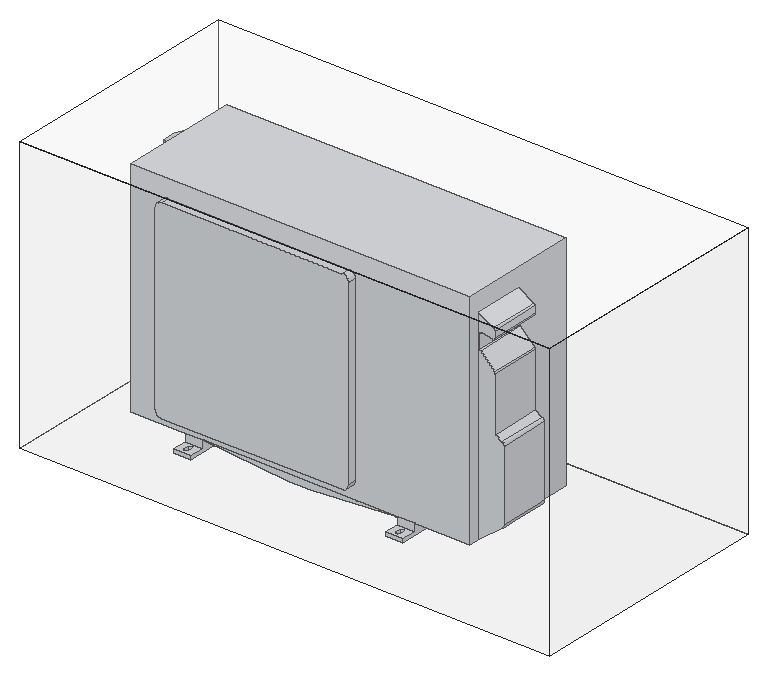
Revit family "mucz-g22_5626_60hz", category 機械設備, Revit 2023
Family settings
  丸型コネクタ寸法 = 直径を使用
  パーツ タイプ = 標準
  OmniClass 番号 = 23.75.10.24.21.27.27
  OmniClass タイトル = Split System Air Conditioning Units
  作業面ベース = いいえ
  常に垂直 = はい
  ロード時にボイドで切り取り = いいえ
  注釈の向きを維持 = いいえ
  共有 = いいえ
  部屋計算ポイント = いいえ
Parameters (values of type "MUCZ-G5626SEE")
  風量 = MAX風量  # 2135.0 m³/h
  音響パワーレベル(dB) = if([運転音(強冷房)  db] > [運転音(強暖房)  db], [運転音(強冷房)  db], [運転音(強暖房)  db])  # 68
  電源種別 = ""
  電圧 = 200 V
  電動機出力_送風機 = 50 W
  電動機出力_圧縮機 = 1500 W
  運転音(強暖房)  db = 68
  運転音(強冷房)  db = 65
  運転質量 = 0.00 kg
  運転方法 = "冷暖切替"
  質量 = if(製品質量 > 運転質量, 製品質量, 運転質量) * 1.2  # 40.80 kg
  負荷分類 = 1_熱源類
  説明 = "ルームエアコン(霧ヶ峰) GVシリーズ 室外ユニット"
  設計暖房能力 [instance] = 0 kW
  設計冷房能力_顕熱 [instance] = 0 kW
  設計冷房能力 [instance] = 0 kW
  設置方法 = "床置形"
  記号 [instance] = ""
  製造元 = "三菱電機株式会社"
  製品質量 = 34.00 kg
  製品出荷対象 = "国内"
  製品リリース年月 = "2026/02/13"
  製品グループ = ""
  系統 [instance] = ""
  符号 = "ACR"
  積算_科目 = "1 空気調和設備"
  積算_拾い区分 [instance] = ""
  相 = 1
  盤記号 [instance] = ""
  発停方法 = "付属リモコン"
  特殊仕様 [instance] = ""
  法定耐用年数 = "6"
  構成品番 = ""
  極数 = 3
  材質 = ""
  本体マテリアル = none
  最大電流値 = 0 A
  暖房能力 = 6.7 kW
  暖房 風量 = 2135.0 m³/h
  既定の高さ = 0 mm
  推奨ブレーカー容量 = 0 A
  形式 = "パッケージ形 室外機"
  形名 = MUCZ-G40_56*S : MUCZ-G40_56*S
  幹線記号 = ""
  始動方式 = "インバータ"
  呼称 = "パッケージ形空気調和機_室外機"
  周波数 = 60 Hz
  冷房 風量 = 2040.0 m³/h
  冷媒　位置Z = 132.5 mm
  冷媒　位置Y = 171 mm
  冷媒　位置X = 429 mm
  価格 = 0
  参照している仕様書等のバージョン = "公共建築物標準仕様書（機械設備工事編）平成31年度版"
  分類コード = "50053004206100"
  分類グループ = "設備"
  冷房能力 = 5.6 kW
  冷媒管径符号 = "Ab"
  冷媒管径 = 100.00 mm
  冷媒液管径 = 6.35 mm
  冷媒ガス管径 = 9.52 mm
  企業コード = "108420"
  付属品 = ""
  モデル = "MUCZ-G5626SEE"
  ドレン穴径 = 42.00 mm
  ドレン　位置Z = 45 mm
  ドレン　位置Y = 44 mm
  ドレン　位置X = 0 mm
  サービススペース = yes
  コメント [instance] = ""
  ケーブル種類1 = ""
  【値が 0 の項目は組合せ形名にてご確認ください】 = ""
  Width = 800 mm
  Version = ""
  Uniclass2015Version = "Systems v1.9"
  Uniclass2015Title = "Split coil remote air cooled condensing units"
  Uniclass2015Code = "Pr_70_65_03_84"
  URL = "https://www.mitsubishielectric.co.jp/ldg/wink/ssl/displayProduct.do?pid=355299&ccd=1040101412"
  SpecificationReference = ""
  SpecificationDescription = ""
  Revision = ""
  ProductInformation = ""
  OmniClassCode = "23-33 17 13 11"
  MAX風量 = if(冷房 風量 > 暖房 風量, 冷房 風量, 暖房 風量)  # 2135.0 m³/h
  IfcTypeProduct = ""
  IfcProduct = ""
  IfcExportType = "AIRCONDITIONINGUNIT"
  IfcExportAs = "IfcUnitaryEquipmentType"
  Height = 550 mm
  Depth = 285 mm
  Clearance Top = 100 mm
  Clearance Right = 350 mm
  Clearance Left = 100 mm
  Clearance Front = 200 mm
  Clearance Bottom = 0 mm
  Clearance Back = 100 mm
  COP_暖房 = 3.38
  COP_冷房 = 2.35
  COP = (COP_冷房 + COP_暖房) / 2  # 2.865
  BLCJ仕様バージョン = "2.0"
  Author = "三菱電機株式会社"
  APF = 0
Reference planes
  plane 1 "中心(正面/背面)": y = 74
  plane 2: z = 0
  plane 3 "中心(左/右)": x = 830
  plane 4 "右": x = 1230
  plane 5 "左": x = 430
  plane 6 "背面": y = 216.5
  plane 7 "正面": y = -68.5
  plane 8 "上部": z = 550
  plane 9 "Clearanse Top": z = 650
  plane 10 "SS_back": y = 316.5
  plane 11 "SS_front": y = -268.5
  plane 12 "SS_left": x = 330
  plane 13 "SS_right": x = 1580
  plane 14: z = 0
  plane 15: z = 45
  plane 16: z = 46
  plane 17: y = 172.5
  plane 18: y = 45.5
  plane 19: z = 132.5
  plane 20: x = 1259
  plane 21: z = 50
  plane 22: x = 1229
  plane 23: x = 1228
  plane 24: y = 46.5
Forms (mm)
  Extrusion 1, solid, material <- "本体マテリアル", detail levels fine
    sketch origin (-1437.329, -1524, 54) x (-1, 0, 0) y (0, -1, 0)
      loop
        circle (-2267.329, -1696.5) r 21
    from -9 to -8
  Extrusion 2, solid, material <- "本体マテリアル", detail levels fine
    sketch origin (1230, 0, 0) x (0, 1, 0) y (0, 0, 1)
      loop
        circle (172.5, 50) r 10
    from -1 to -2
  Extrusion 3, solid, material <- "本体マテリアル", detail levels fine
    sketch origin (0, -68.5, 0) x (1, 0, 0) y (0, 0, 1)
      loop
        circle (1259, 132.5) r 25
    from -115 to -114
Dimensions and locks
  equal spacing: plane 7 "正面", plane 1 "中心(正面/背面)", plane 6 "背面"
  "Depth": plane 7 "正面" to plane 6 "背面"
  "Width": plane 5 "左" to plane 4 "右"
  equal spacing: plane 5 "左", plane 3 "中心(左/右)", plane 4 "右"
  "Clearance Left": plane 12 "SS_left" to plane 5 "左"
  "Clearance Right": plane 4 "右" to plane 13 "SS_right"
  "Clearance Back": plane 6 "背面" to plane 10 "SS_back"
  "Clearance Front": plane 11 "SS_front" to plane 7 "正面"
  "Height": plane 8 "上部" to level
  "Clearance Top": plane 9 "Clearanse Top" to plane 8 "上部"
  "Clearance Bottom": level to plane 14
  "ドレン　位置Z": plane 15 to level
  locked: plane 16 to plane 15 at 1
  "冷媒　位置Z": plane 19 to level
  "冷媒　位置X": plane 3 "中心(左/右)" to plane 20
  locked: plane 22 to plane 4 "右" at 1
  plane 21 to level = 50 mm
  locked: plane 23 to plane 22 at 1
  "冷媒　位置Y": plane 18 to plane 6 "背面"
  "ドレン　位置Y": plane 17 to plane 6 "背面"
  locked: plane 18 to plane 24 at 1
  "ドレン穴径": diameter of Extrusion 1 sketch curve
  diameter of Extrusion 3 sketch curve = 50 mm
  aligned and locked: level to plane 2
  aligned and locked: plane 10 "SS_back" to nested 1  (x2)
  aligned and locked: plane 13 "SS_right" to nested 1
  aligned and locked: plane 12 "SS_left" to nested 1  (x2)
  aligned and locked: nested 1 to plane 13 "SS_right"
  aligned and locked: plane 11 "SS_front" to nested 1
  aligned and locked: plane 9 "Clearanse Top" to nested 1
  aligned and locked: plane 1 "中心(正面/背面)" to nested 2
  aligned and locked: plane 3 "中心(左/右)" to nested 2
  aligned and locked: plane 14 to nested 1
  aligned and locked: Extrusion 1 to plane 15
  aligned and locked: plane 16 to Extrusion 1
  aligned and locked: plane 17 to Extrusion 1 sketch curve
  aligned and locked: plane 3 "中心(左/右)" to Extrusion 1 sketch curve
  aligned and locked: plane 21 to Extrusion 2 sketch curve
  aligned and locked: plane 17 to Extrusion 2 sketch curve
  aligned and locked: Extrusion 2 to plane 22
  aligned and locked: Extrusion 2 to plane 23
  aligned and locked: plane 19 to Extrusion 3 sketch curve
  aligned and locked: plane 20 to Extrusion 3 sketch curve
  aligned and locked: plane 18 to Extrusion 3
  aligned and locked: Extrusion 3 to plane 24
Automatic sketch dimensions
  radius of Extrusion 2 sketch curve = 10 mm
Nested families
  nested 1: "サービススペース_MUCZ-G25-5623" at (955, 24, 325), visible <- "サービススペース", type "サービススペース_MUCZ-G25-5623"
    with Width 1250 mm, Height 650 mm, Depth 585 mm
  nested 2: "MUCZ-G40_56*S" at (830, 74, 0), type <- "形名", マテリアル <- "本体マテリアル", type "MUCZ-G40_56*S"
    with 表示 yes, マテリアル none, ボルトピッチ Y 310 mm, ボルトピッチ X 500 mm, W 800 mm, H 550 mm, D 285 mm
Connectors
  electrical at (1229, 172.5, 50), driven by "極数", driven by "負荷分類", driven by "電圧"
    settings: on Extrusion 2, index 1, voltage 200 V, apparent load 655 VA, apparent load phase1 655 VA, apparent load phase2 0 VA, apparent load phase3 0 VA, power factor 1, load classification "1_熱源類", number of poles 3, system type 30, power factor state 1, is connector primary yes, connector utility no, sub classification motor no, connector description ""
  piping at (830, 172.5, 45), diameter 42, driven by "ドレン穴径"
    settings: on Extrusion 1, index 3, connector inside diameter 609.60 mm, connector length 0 mm, flow factor 0, pipe flow 0.0 L/s, pressure drop 0.0 Pa, fitting loss kfactor 0, connector angle 0.00°, fixture units 0, engagement length 0 mm, angle of deflection 0.00°, flow configuration 1, flow direction 2, fitting loss method 4, system type 16, joint type 0, gender type 0, connector reference index -1, connector utility 0, adjustable connector no, is connector primary yes, connector description ""
  piping at (1259, 46.5, 132.5), diameter 100, driven by "冷媒管径", driven by "冷媒管径符号"
    settings: on Extrusion 3, index 4, connector inside diameter 609.60 mm, connector length 0 mm, flow factor 0, pipe flow 0.0 L/s, pressure drop 0.0 Pa, fitting loss kfactor 0, connector angle 0.00°, fixture units 0, engagement length 0 mm, angle of deflection 0.00°, flow configuration 1, flow direction 2, fitting loss method 4, system type 7, joint type 0, gender type 0, connector reference index -1, connector utility 0, adjustable connector no, is connector primary no, connector description "Ab"
Definition of nested family "サービススペース_MUCZ-G25-5623"
  Parameters (values of type "サービススペース")
    Default Elevation = 0 mm
    Width [instance] = 500 mm
    Height [instance] = 500 mm
    Depth [instance] = 500 mm
  Reference planes
    plane 1 "中心(正面/背面)": y = 0
    plane 2: z = 0
    plane 3 "中心(左/右)": x = 0
    plane 4: y = -250
    plane 5: x = 250
    plane 6: y = 250
    plane 7: x = -250
    plane 8: z = 250
    plane 9: z = -250
  Forms (mm)
    Extrusion 1, solid
      sketch origin (-638.939, 0, 72.39) x (1, 0, 0) y (0, 1, 0)
        loop
          line (388.939, 250) -> (388.939, -250) -> (888.939, -250) -> (888.939, 250) -> (388.939, 250)
      from -322.39 to 177.61
  Lines and regions (mm)
    symbolic lines
      curve 1: line (-250, 0, 250) -> (250, 0, 250)
      curve 2: line (-250, 0, -250) -> (-250, 0, 250)
      curve 3: line (250, 0, -250) -> (-250, 0, -250)
      curve 4: line (250, 0, 250) -> (250, 0, -250)
      curve 5: line (0, -250, 250) -> (0, 250, 250)
      curve 6: line (0, -250, -250) -> (0, -250, 250)
      curve 7: line (0, 250, -250) -> (0, -250, -250)
      curve 8: line (0, 250, 250) -> (0, 250, -250)
      curve 9: line (-250, 250, 0) -> (250, 250, 0)
      curve 10: line (-250, -250, 0) -> (-250, 250, 0)
      curve 11: line (250, -250, 0) -> (-250, -250, 0)
      curve 12: line (250, 250, 0) -> (250, -250, 0)
  Dimensions and locks
    equal spacing: plane 7, plane 3 "中心(左/右)", plane 5
    equal spacing: plane 4, plane 1 "中心(正面/背面)", plane 6
    "Depth": plane 4 to plane 6
    "Width": plane 7 to plane 5
    equal spacing: plane 8, plane 2, plane 9
    "Height": plane 8 to plane 9
    aligned and locked: plane 9 to curve 3
    aligned and locked: plane 7 to curve 2
    aligned and locked: curve 4 to plane 5
    aligned and locked: plane 5 to Extrusion 1
    aligned and locked: Extrusion 1 to plane 7
    aligned and locked: Extrusion 1 to plane 9
    aligned and locked: plane 8 to Extrusion 1
    aligned and locked: plane 9 to curve 7
  Automatic sketch dimensions
    plane 4 to Extrusion 1 sketch curve = 0 mm
    Extrusion 1 sketch curve to plane 7 = 0 mm
    Extrusion 1 sketch curve to plane 5 = 0 mm
    plane 6 to Extrusion 1 sketch curve = 0 mm
    curve 2 to plane 8 = 0 mm
    plane 4 to curve 11 = 0 mm
    curve 11 to plane 7 = 0 mm
    curve 11 to plane 5 = 0 mm
    plane 6 to curve 10 = 0 mm
    curve 7 to plane 4 = 0 mm
    curve 7 to plane 6 = 0 mm
    curve 6 to plane 8 = 0 mm
Definition of nested family "MUCZ-G40_56*S"
  Parameters (values of type "MUCZ-G40_56*S")
    Default Elevation = 0 mm
    ボルトピッチ Y [instance] = 310 mm  # constant formula
    ボルトピッチ X [instance] = 500 mm  # constant formula
    H [instance] = 550 mm  # constant formula
    D [instance] = 285 mm  # constant formula
    マテリアル [instance] = none
    表示 [instance] = yes
    W [instance] = 800 mm  # constant formula
  Reference planes
    plane 1 "中心(正面/背面)": y = 0
    plane 2: z = 0
    plane 3 "中心(左/右)": x = 0
    plane 4 "TOP": z = 550
    plane 5: x = -400
    plane 6: x = 400
    plane 7: y = 142.5
    plane 8: y = -142.5
    plane 9: x = -250
    plane 10: y = 167.041
    plane 11: y = -177.959
    plane 12: y = -159.959
  Forms (mm)
    Extrusion 1, solid, material <- "マテリアル", visible <- "表示", detail levels fine
      sketch origin (-1437.329, -1524, 550) x (-1, 0, 0) y (0, -1, 0)
        loop
          line (-1167.33, -1666.5) -> (-1167.33, -1381.5) -> (-1207.33, -1381.5) -> (-1207.33, -1666.5) -> (-1167.33, -1666.5)
        loop
          line (-1667.33, -1666.5) -> (-1667.33, -1381.5) -> (-1707.33, -1381.5) -> (-1707.33, -1666.5) -> (-1667.33, -1666.5)
      from -550 to -524
    Extrusion 2, solid, material <- "マテリアル", visible <- "表示", detail levels fine
      sketch origin (-1437.329, -1524, 550) x (-1, 0, 0) y (0, -1, 0)
        loop
          line (-1837.329, -1646.5) -> (-1037.329, -1646.5) -> (-1037.329, -1381.5) -> (-1837.329, -1381.5) -> (-1837.329, -1646.5)
      from -524 to 0
    Blend 3, solid, material <- "マテリアル", visible <- "表示", detail levels fine
      base sketch origin (0, 0, 0) x (0, 1, 0) y (0, 0, 1)
        loop
          line (35.041, 547.199) -> (-34.959, 547.199) -> (-34.959, 535) -> (35.041, 535) -> (35.041, 547.199)
      top sketch origin (0, 0, 0) x (0, 1, 0) y (0, 0, 1)
        loop
          line (16.845, 538.639) -> (-17.297, 538.639) -> (-17.297, 535) -> (16.845, 535) -> (16.845, 538.639)
      from -400 to -422.3
    Extrusion 4, solid, material <- "マテリアル", visible <- "表示", detail levels fine
      sketch origin (0, 0, 0) x (1, 0, 0) y (0, 0, 1)
        loop
          line (400, 508) -> (400, 26) -> (458.1, 70.718)
          arc (458.1, 70.718) -> (460.972, 74.226) -> (462, 78.642) r 10
          line (462, 78.642) -> (462, 243.825)
          arc (462, 243.825) -> (460.661, 248.825) -> (457, 252.485) r 10
          line (457, 252.485) -> (440.519, 262) -> (440.519, 389.679)
          arc (440.519, 389.679) -> (440.139, 391.593) -> (439.055, 393.215) r 5
          line (439.055, 393.215) -> (405.379, 426.89)
          arc (405.379, 426.89) -> (404.296, 428.513) -> (403.915, 430.426) r 5
          line (403.915, 430.426) -> (403.915, 462.333)
          arc (403.915, 462.333) -> (405.837, 466.273) -> (410.125, 467.184) r 5
          line (410.125, 467.184) -> (434.31, 461.154)
          arc (434.31, 461.154) -> (438.598, 462.066) -> (440.519, 466.006) r 5
          line (440.519, 466.006) -> (440.519, 481.719)
          arc (440.519, 481.719) -> (439.85, 484.219) -> (438.019, 486.05) r 5
          line (438.019, 486.05) -> (400, 508)
      from -0.041 to 116.959
    Extrusion 5, solid, material <- "マテリアル", visible <- "表示", detail levels fine
      sketch origin (-1437.329, -1524, 550) x (-1, 0, 0) y (0, -1, 0)
        loop
          line (-1167.33, -1691.023) -> (-1167.33, -1666.523) -> (-1207.33, -1666.523) -> (-1207.33, -1691.023) -> (-1192.33, -1691.023) -> (-1192.33, -1674.041)
          arc (-1192.33, -1674.041) -> (-1187.33, -1669.041) -> (-1182.33, -1674.041) r 5
          line (-1182.33, -1674.041) -> (-1182.33, -1691.023) -> (-1167.33, -1691.023)
        loop
          line (-1667.33, -1691.041) -> (-1667.33, -1666.541) -> (-1707.33, -1666.541) -> (-1707.33, -1691.041) -> (-1692.33, -1691.041) -> (-1692.33, -1674.041)
          arc (-1692.33, -1674.041) -> (-1687.33, -1669.041) -> (-1682.33, -1674.041) r 5
          line (-1682.33, -1674.041) -> (-1682.33, -1691.041) -> (-1667.33, -1691.041)
        loop
          line (-1667.33, -1381.541) -> (-1667.33, -1346.541) -> (-1707.33, -1346.541) -> (-1707.33, -1381.541) -> (-1667.33, -1381.541)
        loop
          line (-1167.33, -1381.541) -> (-1167.33, -1346.541) -> (-1207.33, -1346.541) -> (-1207.33, -1381.541) -> (-1167.33, -1381.541)
        loop
          arc (-1692.33, -1369.541) -> (-1687.33, -1374.541) -> (-1682.33, -1369.541) r 5
          line (-1682.33, -1369.541) -> (-1682.33, -1358.541)
          arc (-1682.33, -1358.541) -> (-1687.33, -1353.541) -> (-1692.33, -1358.541) r 5
          line (-1692.33, -1358.541) -> (-1692.33, -1369.541)
        loop
          line (-1182.329, -1369.485) -> (-1182.329, -1358.584)
          arc (-1182.329, -1358.584) -> (-1187.379, -1353.534) -> (-1192.429, -1358.584) r 5.05
          line (-1192.429, -1358.584) -> (-1192.429, -1369.485)
          arc (-1192.429, -1369.485) -> (-1187.379, -1374.534) -> (-1182.329, -1369.485) r 5.05
      from -542 to -550
    Extrusion 6, solid, material <- "マテリアル", visible <- "表示", detail levels fine
      sketch origin (1480.036, -173.2, 1200) x (1, 0, 0) y (0, 0, 1)
        loop
          line (-1805.536, -707) -> (-1805.536, -1133)
          arc (-1805.536, -1133) -> (-1801.143, -1143.607) -> (-1790.536, -1148) r 15
          line (-1790.536, -1148) -> (-1364.536, -1148)
          arc (-1364.536, -1148) -> (-1353.93, -1143.607) -> (-1349.536, -1133) r 15
          line (-1349.536, -1133) -> (-1349.536, -707)
          arc (-1349.536, -707) -> (-1353.93, -696.393) -> (-1364.536, -692) r 15
          line (-1364.536, -692) -> (-1790.536, -692)
          arc (-1790.536, -692) -> (-1801.143, -696.393) -> (-1805.536, -707) r 15
      from -30.7 to -10.7
    Extrusion 7, solid, material <- "マテリアル", visible <- "表示", detail levels fine
      sketch origin (1480.036, -173.2, 1200) x (1, 0, 0) y (0, 0, 1)
        loop
          line (-1880.036, -650) -> (-1880.036, -1174) -> (-1080.036, -1174) -> (-1080.036, -650) -> (-1880.036, -650)
        loop
          line (-1160.036, -675) -> (-1840.036, -675) -> (-1840.036, -1155) -> (-1160.036, -1155) -> (-1160.036, -675)
      from -315.7 to -277.7
    Extrusion 8, solid, visible <- "表示", detail levels fine
      sketch origin (1480.036, -162.5, 1200) x (1, 0, 0) y (0, 0, 1)
        loop
          line (-1710.036, -1174) -> (-1505.067, -1190) -> (-1455.067, -1190) -> (-1250.036, -1174) -> (-1710.036, -1174)
      from -285 to -20
    Extrusion 9, void
      sketch origin (0, 0, 0) x (1, 0, 0) y (0, 1, 0)
        loop
          circle (0, 98.541) r 21
      from 8 to 45
    Extrusion 10, solid, visible <- "表示", detail levels fine
      sketch origin (1480.036, -162.5, 1200) x (1, 0, 0) y (0, 0, 1)
        loop
          line (-1750.005, -675) -> (-1840.036, -675) -> (-1840.036, -1155) -> (-1750.005, -1155) -> (-1750.005, -675)
        loop
          line (-1830.036, -790) -> (-1760.005, -790) -> (-1760.005, -684) -> (-1830.036, -684) -> (-1830.036, -790)
        loop
          line (-1760.005, -802) -> (-1830.036, -802) -> (-1830.036, -908) -> (-1760.005, -908) -> (-1760.005, -802)
        loop
          line (-1760.005, -922) -> (-1830.036, -922) -> (-1830.036, -1028) -> (-1760.005, -1028) -> (-1760.005, -922)
        loop
          line (-1760.005, -1042) -> (-1830.036, -1042) -> (-1830.036, -1148) -> (-1760.005, -1148) -> (-1760.005, -1042)
      from -306 to -305
    Sweep 11, solid, detail levels fine
      path origin (428, 28.181, 1200) x (0, 1, 0) y (0, 0, 1)
        loop
          line (-56.14, -1035.5) -> (-34.105, -1020.071)
      profile origin (428, -16.942, 172.215) x (0, -0.573576, 0.819152) y (1, 0, 0)
        loop
          circle (0, 0) r 6.35
    Sweep 12, solid, detail levels fine
      path origin (428, 28.181, 1200) x (0, 1, 0) y (0, 0, 1)
        loop
          line (-56.14, -1100.5) -> (-36.394, -1082.086)
      profile origin (428, -18.086, 108.707) x (0, -0.681998, 0.731354) y (1, 0, 0)
        loop
          circle (0, 0) r 9.52
  Cuts and joins
    joined: Extrusion 1, Extrusion 5
    Extrusion 9 cuts Extrusion 2
    Extrusion 9 cuts Extrusion 7
    joined: Extrusion 2, Extrusion 7
    Extrusion 9 cuts Extrusion 8
  Lines and regions (mm)
    Masking region 1, visible <- "表示", detail levels coarse+medium
      outline origin (-1437.329, -1524, 550) x (-1, 0, 0) y (0, -1, 0)
        loop
          line (-1837.329, -1381.5) -> (-1837.329, -1666.5) -> (-1037.329, -1666.5) -> (-1037.329, -1381.5) -> (-1837.329, -1381.5)
    symbolic lines
      curve 1: line (-400, 142.5, 0) -> (400, 142.5, 0)
      curve 2: line (-400, -142.5, 0) -> (-400, 142.5, 0)
      curve 3: line (400, -142.5, 0) -> (-400, -142.5, 0)
      curve 4: line (400, 142.5, 0) -> (400, -142.5, 0)
    model lines, visible <- "表示", detail levels fine
      curve 5: line (130.544, -162.5, 446) -> (-325.456, -162.5, 446)
      curve 6: line (130.544, -162.5, 352) -> (-325.456, -162.5, 352)
      curve 7: line (130.544, -162.5, 258) -> (-325.456, -162.5, 258)
      curve 8: line (130.544, -162.5, 164) -> (-325.456, -162.5, 164)
      curve 9: line (-319.456, -162.5, 505) -> (-319.456, -162.5, 55)
      curve 10: line (-307.456, -162.5, 508) -> (-307.456, -162.5, 52)
      curve 11: line (-295.456, -162.5, 508) -> (-295.456, -162.5, 52)
      curve 12: line (-283.456, -162.5, 508) -> (-283.456, -162.5, 52)
      curve 13: line (-271.456, -162.5, 508) -> (-271.456, -162.5, 52)
      curve 14: line (-259.456, -162.5, 508) -> (-259.456, -162.5, 52)
      curve 15: line (-247.563, -162.5, 508) -> (-247.563, -162.5, 52)
      curve 16: line (-235.456, -162.5, 508) -> (-235.456, -162.5, 52)
      curve 17: line (-223.456, -162.5, 508) -> (-223.456, -162.5, 52)
      curve 18: line (-211.456, -162.5, 508) -> (-211.456, -162.5, 52)
      curve 19: line (-199.456, -162.5, 508) -> (-199.456, -162.5, 52)
      curve 20: line (-187.456, -162.5, 508) -> (-187.456, -162.5, 52)
      curve 21: line (-175.456, -162.5, 508) -> (-175.456, -162.5, 52)
      curve 22: line (-163.563, -162.5, 508) -> (-163.563, -162.5, 52)
      curve 23: line (-151.456, -162.5, 508) -> (-151.456, -162.5, 52)
      curve 24: line (-139.456, -162.5, 508) -> (-139.456, -162.5, 52)
      curve 25: line (-127.456, -162.5, 508) -> (-127.456, -162.5, 52)
      curve 26: line (-115.456, -162.5, 508) -> (-115.456, -162.5, 52)
      curve 27: line (-103.456, -162.5, 508) -> (-103.456, -162.5, 52)
      curve 28: line (-91.456, -162.5, 508) -> (-91.456, -162.5, 52)
      curve 29: line (-79.563, -162.5, 508) -> (-79.563, -162.5, 52)
      curve 30: line (-67.456, -162.5, 508) -> (-67.456, -162.5, 52)
      curve 31: line (-55.456, -162.5, 508) -> (-55.456, -162.5, 52)
      curve 32: line (-43.456, -162.5, 508) -> (-43.456, -162.5, 52)
      curve 33: line (-31.456, -162.5, 508) -> (-31.456, -162.5, 52)
      curve 34: line (-19.456, -162.5, 508) -> (-19.456, -162.5, 52)
      curve 35: line (-7.456, -162.5, 508) -> (-7.456, -162.5, 52)
      curve 36: line (4.437, -162.5, 508) -> (4.437, -162.5, 52)
      curve 37: line (16.544, -162.5, 508) -> (16.544, -162.5, 52)
      curve 38: line (28.544, -162.5, 508) -> (28.544, -162.5, 52)
      curve 39: line (40.544, -162.5, 508) -> (40.544, -162.5, 52)
      curve 40: line (52.544, -162.5, 508) -> (52.544, -162.5, 52)
      curve 41: line (64.544, -162.5, 508) -> (64.544, -162.5, 52)
      curve 42: line (76.437, -162.5, 508) -> (76.437, -162.5, 52)
      curve 43: line (88.544, -162.5, 508) -> (88.544, -162.5, 52)
      curve 44: line (100.544, -162.5, 508) -> (100.544, -162.5, 52)
      curve 45: line (112.544, -162.5, 508) -> (112.544, -162.5, 52)
      curve 46: line (124.544, -162.5, 505) -> (124.544, -162.5, 55)
      curve 47: line (-400, 110.541, 510) -> (-400, 30.541, 510)
      curve 48: arc (-400, 30.541, 510) -> (-400, 26.298, 508.243) -> (-400, 24.541, 504) r 6
      curve 49: line (-400, 24.541, 504) -> (-400, 24.541, 501)
      curve 50: arc (-400, 24.541, 501) -> (-400, 26.298, 496.757) -> (-400, 30.541, 495) r 6
      curve 51: line (-400, 30.541, 495) -> (-400, 110.541, 495)
      curve 52: arc (-400, 110.541, 495) -> (-400, 114.783, 496.757) -> (-400, 116.541, 501) r 6
      curve 53: line (-400, 116.541, 501) -> (-400, 116.541, 504)
      curve 54: arc (-400, 116.541, 504) -> (-400, 114.783, 508.243) -> (-400, 110.541, 510) r 6
      curve 55: line (-400, 110.541, 489) -> (-400, 30.541, 489)
      curve 56: arc (-400, 30.541, 489) -> (-400, 26.298, 487.243) -> (-400, 24.541, 483) r 6
      curve 57: line (-400, 24.541, 483) -> (-400, 24.541, 480)
      curve 58: arc (-400, 24.541, 480) -> (-400, 26.298, 475.757) -> (-400, 30.541, 474) r 6
      curve 59: line (-400, 30.541, 474) -> (-400, 110.541, 474)
      curve 60: arc (-400, 110.541, 474) -> (-400, 114.783, 475.757) -> (-400, 116.541, 480) r 6
      curve 61: line (-400, 116.541, 480) -> (-400, 116.541, 483)
      curve 62: arc (-400, 116.541, 483) -> (-400, 114.783, 487.243) -> (-400, 110.541, 489) r 6
      curve 63: line (-400, 30.541, 453) -> (-400, 110.541, 453)
      curve 64: arc (-400, 110.541, 453) -> (-400, 114.783, 454.757) -> (-400, 116.541, 459) r 6
      curve 65: line (-400, 116.541, 459) -> (-400, 116.541, 462)
      curve 66: arc (-400, 116.541, 462) -> (-400, 114.783, 466.243) -> (-400, 110.541, 468) r 6
      curve 67: line (-400, 110.541, 468) -> (-400, 30.541, 468)
      curve 68: arc (-400, 30.541, 468) -> (-400, 26.298, 466.243) -> (-400, 24.541, 462) r 6
      curve 69: line (-400, 24.541, 462) -> (-400, 24.541, 459)
      curve 70: arc (-400, 24.541, 459) -> (-400, 26.298, 454.757) -> (-400, 30.541, 453) r 6
      curve 71: line (-400, 30.541, 432) -> (-400, 110.541, 432)
      curve 72: arc (-400, 110.541, 432) -> (-400, 114.783, 433.757) -> (-400, 116.541, 438) r 6
      curve 73: line (-400, 116.541, 438) -> (-400, 116.541, 441)
      curve 74: arc (-400, 116.541, 441) -> (-400, 114.783, 445.243) -> (-400, 110.541, 447) r 6
      curve 75: line (-400, 110.541, 447) -> (-400, 30.541, 447)
      curve 76: arc (-400, 30.541, 447) -> (-400, 26.298, 445.243) -> (-400, 24.541, 441) r 6
      curve 77: line (-400, 24.541, 441) -> (-400, 24.541, 438)
      curve 78: arc (-400, 24.541, 438) -> (-400, 26.298, 433.757) -> (-400, 30.541, 432) r 6
      curve 79: line (-400, 30.541, 411) -> (-400, 110.541, 411)
      curve 80: arc (-400, 110.541, 411) -> (-400, 114.783, 412.757) -> (-400, 116.541, 417) r 6
      curve 81: line (-400, 116.541, 417) -> (-400, 116.541, 420)
      curve 82: arc (-400, 116.541, 420) -> (-400, 114.783, 424.243) -> (-400, 110.541, 426) r 6
      curve 83: line (-400, 110.541, 426) -> (-400, 30.541, 426)
      curve 84: arc (-400, 30.541, 426) -> (-400, 26.298, 424.243) -> (-400, 24.541, 420) r 6
      curve 85: line (-400, 24.541, 420) -> (-400, 24.541, 417)
      curve 86: arc (-400, 24.541, 417) -> (-400, 26.298, 412.757) -> (-400, 30.541, 411) r 6
      curve 87: line (-400, 30.541, 390) -> (-400, 110.541, 390)
      curve 88: arc (-400, 110.541, 390) -> (-400, 114.783, 391.757) -> (-400, 116.541, 396) r 6
      curve 89: line (-400, 116.541, 396) -> (-400, 116.541, 399)
      curve 90: arc (-400, 116.541, 399) -> (-400, 114.783, 403.243) -> (-400, 110.541, 405) r 6
      curve 91: line (-400, 110.541, 405) -> (-400, 30.541, 405)
      curve 92: arc (-400, 30.541, 405) -> (-400, 26.298, 403.243) -> (-400, 24.541, 399) r 6
      curve 93: line (-400, 24.541, 399) -> (-400, 24.541, 396)
      curve 94: arc (-400, 24.541, 396) -> (-400, 26.298, 391.757) -> (-400, 30.541, 390) r 6
      curve 95: line (-400, 30.541, 369) -> (-400, 110.541, 369)
      curve 96: arc (-400, 110.541, 369) -> (-400, 114.783, 370.757) -> (-400, 116.541, 375) r 6
      curve 97: line (-400, 116.541, 375) -> (-400, 116.541, 378)
      curve 98: arc (-400, 116.541, 378) -> (-400, 114.783, 382.243) -> (-400, 110.541, 384) r 6
      curve 99: line (-400, 110.541, 384) -> (-400, 30.541, 384)
      curve 100: arc (-400, 30.541, 384) -> (-400, 26.298, 382.243) -> (-400, 24.541, 378) r 6
      curve 101: line (-400, 24.541, 378) -> (-400, 24.541, 375)
      curve 102: arc (-400, 24.541, 375) -> (-400, 26.298, 370.757) -> (-400, 30.541, 369) r 6
      curve 103: line (-400, 30.541, 348) -> (-400, 110.541, 348)
      curve 104: arc (-400, 110.541, 348) -> (-400, 114.783, 349.757) -> (-400, 116.541, 354) r 6
      curve 105: line (-400, 116.541, 354) -> (-400, 116.541, 357)
      curve 106: arc (-400, 116.541, 357) -> (-400, 114.783, 361.243) -> (-400, 110.541, 363) r 6
      curve 107: line (-400, 110.541, 363) -> (-400, 30.541, 363)
      curve 108: arc (-400, 30.541, 363) -> (-400, 26.298, 361.243) -> (-400, 24.541, 357) r 6
      curve 109: line (-400, 24.541, 357) -> (-400, 24.541, 354)
      curve 110: arc (-400, 24.541, 354) -> (-400, 26.298, 349.757) -> (-400, 30.541, 348) r 6
      curve 111: line (-400, 30.541, 327) -> (-400, 110.541, 327)
      curve 112: arc (-400, 110.541, 327) -> (-400, 114.783, 328.757) -> (-400, 116.541, 333) r 6
      curve 113: line (-400, 116.541, 333) -> (-400, 116.541, 336)
      curve 114: arc (-400, 116.541, 336) -> (-400, 114.783, 340.243) -> (-400, 110.541, 342) r 6
      curve 115: line (-400, 110.541, 342) -> (-400, 30.541, 342)
      curve 116: arc (-400, 30.541, 342) -> (-400, 26.298, 340.243) -> (-400, 24.541, 336) r 6
      curve 117: line (-400, 24.541, 336) -> (-400, 24.541, 333)
      curve 118: arc (-400, 24.541, 333) -> (-400, 26.298, 328.757) -> (-400, 30.541, 327) r 6
      curve 119: line (-400, 30.541, 306) -> (-400, 110.541, 306)
      curve 120: arc (-400, 110.541, 306) -> (-400, 114.783, 307.757) -> (-400, 116.541, 312) r 6
      curve 121: line (-400, 116.541, 312) -> (-400, 116.541, 315)
      curve 122: arc (-400, 116.541, 315) -> (-400, 114.783, 319.243) -> (-400, 110.541, 321) r 6
      curve 123: line (-400, 110.541, 321) -> (-400, 30.541, 321)
      curve 124: arc (-400, 30.541, 321) -> (-400, 26.298, 319.243) -> (-400, 24.541, 315) r 6
      curve 125: line (-400, 24.541, 315) -> (-400, 24.541, 312)
      curve 126: arc (-400, 24.541, 312) -> (-400, 26.298, 307.757) -> (-400, 30.541, 306) r 6
      curve 127: line (-400, 30.541, 285) -> (-400, 110.541, 285)
      curve 128: arc (-400, 110.541, 285) -> (-400, 114.783, 286.757) -> (-400, 116.541, 291) r 6
      curve 129: line (-400, 116.541, 291) -> (-400, 116.541, 294)
      curve 130: arc (-400, 116.541, 294) -> (-400, 114.783, 298.243) -> (-400, 110.541, 300) r 6
      curve 131: line (-400, 110.541, 300) -> (-400, 30.541, 300)
      curve 132: arc (-400, 30.541, 300) -> (-400, 26.298, 298.243) -> (-400, 24.541, 294) r 6
      curve 133: line (-400, 24.541, 294) -> (-400, 24.541, 291)
      curve 134: arc (-400, 24.541, 291) -> (-400, 26.298, 286.757) -> (-400, 30.541, 285) r 6
      curve 135: line (-400, 30.541, 264) -> (-400, 110.541, 264)
      curve 136: arc (-400, 110.541, 264) -> (-400, 114.783, 265.757) -> (-400, 116.541, 270) r 6
      curve 137: line (-400, 116.541, 270) -> (-400, 116.541, 273)
      curve 138: arc (-400, 116.541, 273) -> (-400, 114.783, 277.243) -> (-400, 110.541, 279) r 6
      curve 139: line (-400, 110.541, 279) -> (-400, 30.541, 279)
      curve 140: arc (-400, 30.541, 279) -> (-400, 26.298, 277.243) -> (-400, 24.541, 273) r 6
      curve 141: line (-400, 24.541, 273) -> (-400, 24.541, 270)
      curve 142: arc (-400, 24.541, 270) -> (-400, 26.298, 265.757) -> (-400, 30.541, 264) r 6
      curve 143: line (-400, 30.541, 243) -> (-400, 110.541, 243)
      curve 144: arc (-400, 110.541, 243) -> (-400, 114.783, 244.757) -> (-400, 116.541, 249) r 6
      curve 145: line (-400, 116.541, 249) -> (-400, 116.541, 252)
      curve 146: arc (-400, 116.541, 252) -> (-400, 114.783, 256.243) -> (-400, 110.541, 258) r 6
      curve 147: line (-400, 110.541, 258) -> (-400, 30.541, 258)
      curve 148: arc (-400, 30.541, 258) -> (-400, 26.298, 256.243) -> (-400, 24.541, 252) r 6
      curve 149: line (-400, 24.541, 252) -> (-400, 24.541, 249)
      curve 150: arc (-400, 24.541, 249) -> (-400, 26.298, 244.757) -> (-400, 30.541, 243) r 6
      curve 151: line (-400, 30.541, 222) -> (-400, 110.541, 222)
      curve 152: arc (-400, 110.541, 222) -> (-400, 114.783, 223.757) -> (-400, 116.541, 228) r 6
      curve 153: line (-400, 116.541, 228) -> (-400, 116.541, 231)
      curve 154: arc (-400, 116.541, 231) -> (-400, 114.783, 235.243) -> (-400, 110.541, 237) r 6
      curve 155: line (-400, 110.541, 237) -> (-400, 30.541, 237)
      curve 156: arc (-400, 30.541, 237) -> (-400, 26.298, 235.243) -> (-400, 24.541, 231) r 6
      curve 157: line (-400, 24.541, 231) -> (-400, 24.541, 228)
      curve 158: arc (-400, 24.541, 228) -> (-400, 26.298, 223.757) -> (-400, 30.541, 222) r 6
      curve 159: line (-400, 30.541, 201) -> (-400, 110.541, 201)
      curve 160: arc (-400, 110.541, 201) -> (-400, 114.783, 202.757) -> (-400, 116.541, 207) r 6
      curve 161: line (-400, 116.541, 207) -> (-400, 116.541, 210)
      curve 162: arc (-400, 116.541, 210) -> (-400, 114.783, 214.243) -> (-400, 110.541, 216) r 6
      curve 163: line (-400, 110.541, 216) -> (-400, 30.541, 216)
      curve 164: arc (-400, 30.541, 216) -> (-400, 26.298, 214.243) -> (-400, 24.541, 210) r 6
      curve 165: line (-400, 24.541, 210) -> (-400, 24.541, 207)
      curve 166: arc (-400, 24.541, 207) -> (-400, 26.298, 202.757) -> (-400, 30.541, 201) r 6
      curve 167: line (-400, 30.541, 180) -> (-400, 110.541, 180)
      curve 168: arc (-400, 110.541, 180) -> (-400, 114.783, 181.757) -> (-400, 116.541, 186) r 6
      curve 169: line (-400, 116.541, 186) -> (-400, 116.541, 189)
      curve 170: arc (-400, 116.541, 189) -> (-400, 114.783, 193.243) -> (-400, 110.541, 195) r 6
      curve 171: line (-400, 110.541, 195) -> (-400, 30.541, 195)
      curve 172: arc (-400, 30.541, 195) -> (-400, 26.298, 193.243) -> (-400, 24.541, 189) r 6
      curve 173: line (-400, 24.541, 189) -> (-400, 24.541, 186)
      curve 174: arc (-400, 24.541, 186) -> (-400, 26.298, 181.757) -> (-400, 30.541, 180) r 6
      curve 175: line (-400, 30.541, 159) -> (-400, 110.541, 159)
      curve 176: arc (-400, 110.541, 159) -> (-400, 114.783, 160.757) -> (-400, 116.541, 165) r 6
      curve 177: line (-400, 116.541, 165) -> (-400, 116.541, 168)
      curve 178: arc (-400, 116.541, 168) -> (-400, 114.783, 172.243) -> (-400, 110.541, 174) r 6
      curve 179: line (-400, 110.541, 174) -> (-400, 30.541, 174)
      curve 180: arc (-400, 30.541, 174) -> (-400, 26.298, 172.243) -> (-400, 24.541, 168) r 6
      curve 181: line (-400, 24.541, 168) -> (-400, 24.541, 165)
      curve 182: arc (-400, 24.541, 165) -> (-400, 26.298, 160.757) -> (-400, 30.541, 159) r 6
      curve 183: line (-400, 30.541, 138) -> (-400, 110.541, 138)
      curve 184: arc (-400, 110.541, 138) -> (-400, 114.783, 139.757) -> (-400, 116.541, 144) r 6
      curve 185: line (-400, 116.541, 144) -> (-400, 116.541, 147)
      curve 186: arc (-400, 116.541, 147) -> (-400, 114.783, 151.243) -> (-400, 110.541, 153) r 6
      curve 187: line (-400, 110.541, 153) -> (-400, 30.541, 153)
      curve 188: arc (-400, 30.541, 153) -> (-400, 26.298, 151.243) -> (-400, 24.541, 147) r 6
      curve 189: line (-400, 24.541, 147) -> (-400, 24.541, 144)
      curve 190: arc (-400, 24.541, 144) -> (-400, 26.298, 139.757) -> (-400, 30.541, 138) r 6
      curve 191: line (-400, 30.541, 117) -> (-400, 110.541, 117)
      curve 192: arc (-400, 110.541, 117) -> (-400, 114.783, 118.757) -> (-400, 116.541, 123) r 6
      curve 193: line (-400, 116.541, 123) -> (-400, 116.541, 126)
      curve 194: arc (-400, 116.541, 126) -> (-400, 114.783, 130.243) -> (-400, 110.541, 132) r 6
      curve 195: line (-400, 110.541, 132) -> (-400, 30.541, 132)
      curve 196: arc (-400, 30.541, 132) -> (-400, 26.298, 130.243) -> (-400, 24.541, 126) r 6
      curve 197: line (-400, 24.541, 126) -> (-400, 24.541, 123)
      curve 198: arc (-400, 24.541, 123) -> (-400, 26.298, 118.757) -> (-400, 30.541, 117) r 6
      curve 199: line (-400, 30.541, 96) -> (-400, 110.541, 96)
      curve 200: arc (-400, 110.541, 96) -> (-400, 114.783, 97.757) -> (-400, 116.541, 102) r 6
      curve 201: line (-400, 116.541, 102) -> (-400, 116.541, 105)
      curve 202: arc (-400, 116.541, 105) -> (-400, 114.783, 109.243) -> (-400, 110.541, 111) r 6
      curve 203: line (-400, 110.541, 111) -> (-400, 30.541, 111)
      curve 204: arc (-400, 30.541, 111) -> (-400, 26.298, 109.243) -> (-400, 24.541, 105) r 6
      curve 205: line (-400, 24.541, 105) -> (-400, 24.541, 102)
      curve 206: arc (-400, 24.541, 102) -> (-400, 26.298, 97.757) -> (-400, 30.541, 96) r 6
      curve 207: line (-400, 30.541, 75) -> (-400, 110.541, 75)
      curve 208: arc (-400, 110.541, 75) -> (-400, 114.783, 76.757) -> (-400, 116.541, 81) r 6
      curve 209: line (-400, 116.541, 81) -> (-400, 116.541, 84)
      curve 210: arc (-400, 116.541, 84) -> (-400, 114.783, 88.243) -> (-400, 110.541, 90) r 6
      curve 211: line (-400, 110.541, 90) -> (-400, 30.541, 90)
      curve 212: arc (-400, 30.541, 90) -> (-400, 26.298, 88.243) -> (-400, 24.541, 84) r 6
      curve 213: line (-400, 24.541, 84) -> (-400, 24.541, 81)
      curve 214: arc (-400, 24.541, 81) -> (-400, 26.298, 76.757) -> (-400, 30.541, 75) r 6
      curve 215: line (-400, 30.541, 54) -> (-400, 110.541, 54)
      curve 216: arc (-400, 110.541, 54) -> (-400, 114.783, 55.757) -> (-400, 116.541, 60) r 6
      curve 217: line (-400, 116.541, 60) -> (-400, 116.541, 63)
      curve 218: arc (-400, 116.541, 63) -> (-400, 114.783, 67.243) -> (-400, 110.541, 69) r 6
      curve 219: line (-400, 110.541, 69) -> (-400, 30.541, 69)
      curve 220: arc (-400, 30.541, 69) -> (-400, 26.298, 67.243) -> (-400, 24.541, 63) r 6
      curve 221: line (-400, 24.541, 63) -> (-400, 24.541, 60)
      curve 222: arc (-400, 24.541, 60) -> (-400, 26.298, 55.757) -> (-400, 30.541, 54) r 6
      curve 223: line (-400, -71.459, 54) -> (-400, 8.541, 54)
      curve 224: arc (-400, 8.541, 54) -> (-400, 12.783, 55.757) -> (-400, 14.541, 60) r 6
      curve 225: line (-400, 14.541, 60) -> (-400, 14.541, 63)
      curve 226: arc (-400, 14.541, 63) -> (-400, 12.783, 67.243) -> (-400, 8.541, 69) r 6
      curve 227: line (-400, 8.541, 69) -> (-400, -71.459, 69)
      curve 228: arc (-400, -71.459, 69) -> (-400, -75.702, 67.243) -> (-400, -77.459, 63) r 6
      curve 229: line (-400, -77.459, 63) -> (-400, -77.459, 60)
      curve 230: arc (-400, -77.459, 60) -> (-400, -75.702, 55.757) -> (-400, -71.459, 54) r 6
      curve 231: line (-400, 8.541, 90) -> (-400, -71.459, 90)
      curve 232: arc (-400, -71.459, 90) -> (-400, -75.702, 88.243) -> (-400, -77.459, 84) r 6
      curve 233: line (-400, -77.459, 84) -> (-400, -77.459, 81)
      curve 234: arc (-400, -77.459, 81) -> (-400, -75.702, 76.757) -> (-400, -71.459, 75) r 6
      curve 235: line (-400, -71.459, 75) -> (-400, 8.541, 75)
      curve 236: arc (-400, 8.541, 75) -> (-400, 12.783, 76.757) -> (-400, 14.541, 81) r 6
      curve 237: line (-400, 14.541, 81) -> (-400, 14.541, 84)
      curve 238: arc (-400, 14.541, 84) -> (-400, 12.783, 88.243) -> (-400, 8.541, 90) r 6
      curve 239: line (-400, 8.541, 111) -> (-400, -71.459, 111)
      curve 240: arc (-400, -71.459, 111) -> (-400, -75.702, 109.243) -> (-400, -77.459, 105) r 6
      curve 241: line (-400, -77.459, 105) -> (-400, -77.459, 102)
      curve 242: arc (-400, -77.459, 102) -> (-400, -75.702, 97.757) -> (-400, -71.459, 96) r 6
      curve 243: line (-400, -71.459, 96) -> (-400, 8.541, 96)
      curve 244: arc (-400, 8.541, 96) -> (-400, 12.783, 97.757) -> (-400, 14.541, 102) r 6
      curve 245: line (-400, 14.541, 102) -> (-400, 14.541, 105)
      curve 246: arc (-400, 14.541, 105) -> (-400, 12.783, 109.243) -> (-400, 8.541, 111) r 6
      curve 247: line (-400, 8.541, 132) -> (-400, -71.459, 132)
      curve 248: arc (-400, -71.459, 132) -> (-400, -75.702, 130.243) -> (-400, -77.459, 126) r 6
      curve 249: line (-400, -77.459, 126) -> (-400, -77.459, 123)
      curve 250: arc (-400, -77.459, 123) -> (-400, -75.702, 118.757) -> (-400, -71.459, 117) r 6
      curve 251: line (-400, -71.459, 117) -> (-400, 8.541, 117)
      curve 252: arc (-400, 8.541, 117) -> (-400, 12.783, 118.757) -> (-400, 14.541, 123) r 6
      curve 253: line (-400, 14.541, 123) -> (-400, 14.541, 126)
      curve 254: arc (-400, 14.541, 126) -> (-400, 12.783, 130.243) -> (-400, 8.541, 132) r 6
      curve 255: line (-400, 8.541, 153) -> (-400, -71.459, 153)
      curve 256: arc (-400, -71.459, 153) -> (-400, -75.702, 151.243) -> (-400, -77.459, 147) r 6
      curve 257: line (-400, -77.459, 147) -> (-400, -77.459, 144)
      curve 258: arc (-400, -77.459, 144) -> (-400, -75.702, 139.757) -> (-400, -71.459, 138) r 6
      curve 259: line (-400, -71.459, 138) -> (-400, 8.541, 138)
      curve 260: arc (-400, 8.541, 138) -> (-400, 12.783, 139.757) -> (-400, 14.541, 144) r 6
      curve 261: line (-400, 14.541, 144) -> (-400, 14.541, 147)
      curve 262: arc (-400, 14.541, 147) -> (-400, 12.783, 151.243) -> (-400, 8.541, 153) r 6
      curve 263: line (-400, 8.541, 174) -> (-400, -71.459, 174)
      curve 264: arc (-400, -71.459, 174) -> (-400, -75.702, 172.243) -> (-400, -77.459, 168) r 6
      curve 265: line (-400, -77.459, 168) -> (-400, -77.459, 165)
      curve 266: arc (-400, -77.459, 165) -> (-400, -75.702, 160.757) -> (-400, -71.459, 159) r 6
      curve 267: line (-400, -71.459, 159) -> (-400, 8.541, 159)
      curve 268: arc (-400, 8.541, 159) -> (-400, 12.783, 160.757) -> (-400, 14.541, 165) r 6
      curve 269: line (-400, 14.541, 165) -> (-400, 14.541, 168)
      curve 270: arc (-400, 14.541, 168) -> (-400, 12.783, 172.243) -> (-400, 8.541, 174) r 6
      curve 271: line (-400, 8.541, 195) -> (-400, -71.459, 195)
      curve 272: arc (-400, -71.459, 195) -> (-400, -75.702, 193.243) -> (-400, -77.459, 189) r 6
      curve 273: line (-400, -77.459, 189) -> (-400, -77.459, 186)
      curve 274: arc (-400, -77.459, 186) -> (-400, -75.702, 181.757) -> (-400, -71.459, 180) r 6
      curve 275: line (-400, -71.459, 180) -> (-400, 8.541, 180)
      curve 276: arc (-400, 8.541, 180) -> (-400, 12.783, 181.757) -> (-400, 14.541, 186) r 6
      curve 277: line (-400, 14.541, 186) -> (-400, 14.541, 189)
      curve 278: arc (-400, 14.541, 189) -> (-400, 12.783, 193.243) -> (-400, 8.541, 195) r 6
      curve 279: line (-400, 8.541, 216) -> (-400, -71.459, 216)
      curve 280: arc (-400, -71.459, 216) -> (-400, -75.702, 214.243) -> (-400, -77.459, 210) r 6
      curve 281: line (-400, -77.459, 210) -> (-400, -77.459, 207)
      curve 282: arc (-400, -77.459, 207) -> (-400, -75.702, 202.757) -> (-400, -71.459, 201) r 6
      curve 283: line (-400, -71.459, 201) -> (-400, 8.541, 201)
      curve 284: arc (-400, 8.541, 201) -> (-400, 12.783, 202.757) -> (-400, 14.541, 207) r 6
      curve 285: line (-400, 14.541, 207) -> (-400, 14.541, 210)
      curve 286: arc (-400, 14.541, 210) -> (-400, 12.783, 214.243) -> (-400, 8.541, 216) r 6
      curve 287: line (-400, 8.541, 237) -> (-400, -71.459, 237)
      curve 288: arc (-400, -71.459, 237) -> (-400, -75.702, 235.243) -> (-400, -77.459, 231) r 6
      curve 289: line (-400, -77.459, 231) -> (-400, -77.459, 228)
      curve 290: arc (-400, -77.459, 228) -> (-400, -75.702, 223.757) -> (-400, -71.459, 222) r 6
      curve 291: line (-400, -71.459, 222) -> (-400, 8.541, 222)
      curve 292: arc (-400, 8.541, 222) -> (-400, 12.783, 223.757) -> (-400, 14.541, 228) r 6
      curve 293: line (-400, 14.541, 228) -> (-400, 14.541, 231)
      curve 294: arc (-400, 14.541, 231) -> (-400, 12.783, 235.243) -> (-400, 8.541, 237) r 6
      curve 295: line (-400, 8.541, 258) -> (-400, -71.459, 258)
      curve 296: arc (-400, -71.459, 258) -> (-400, -75.702, 256.243) -> (-400, -77.459, 252) r 6
      curve 297: line (-400, -77.459, 252) -> (-400, -77.459, 249)
      curve 298: arc (-400, -77.459, 249) -> (-400, -75.702, 244.757) -> (-400, -71.459, 243) r 6
      curve 299: line (-400, -71.459, 243) -> (-400, 8.541, 243)
      curve 300: arc (-400, 8.541, 243) -> (-400, 12.783, 244.757) -> (-400, 14.541, 249) r 6
      curve 301: line (-400, 14.541, 249) -> (-400, 14.541, 252)
      curve 302: arc (-400, 14.541, 252) -> (-400, 12.783, 256.243) -> (-400, 8.541, 258) r 6
      curve 303: line (-400, 8.541, 279) -> (-400, -71.459, 279)
      curve 304: arc (-400, -71.459, 279) -> (-400, -75.702, 277.243) -> (-400, -77.459, 273) r 6
      curve 305: line (-400, -77.459, 273) -> (-400, -77.459, 270)
      curve 306: arc (-400, -77.459, 270) -> (-400, -75.702, 265.757) -> (-400, -71.459, 264) r 6
      curve 307: line (-400, -71.459, 264) -> (-400, 8.541, 264)
      curve 308: arc (-400, 8.541, 264) -> (-400, 12.783, 265.757) -> (-400, 14.541, 270) r 6
      curve 309: line (-400, 14.541, 270) -> (-400, 14.541, 273)
      curve 310: arc (-400, 14.541, 273) -> (-400, 12.783, 277.243) -> (-400, 8.541, 279) r 6
      curve 311: line (-400, 8.541, 300) -> (-400, -71.459, 300)
      curve 312: arc (-400, -71.459, 300) -> (-400, -75.702, 298.243) -> (-400, -77.459, 294) r 6
      curve 313: line (-400, -77.459, 294) -> (-400, -77.459, 291)
      curve 314: arc (-400, -77.459, 291) -> (-400, -75.702, 286.757) -> (-400, -71.459, 285) r 6
      curve 315: line (-400, -71.459, 285) -> (-400, 8.541, 285)
      curve 316: arc (-400, 8.541, 285) -> (-400, 12.783, 286.757) -> (-400, 14.541, 291) r 6
      curve 317: line (-400, 14.541, 291) -> (-400, 14.541, 294)
      curve 318: arc (-400, 14.541, 294) -> (-400, 12.783, 298.243) -> (-400, 8.541, 300) r 6
      curve 319: line (-400, 8.541, 321) -> (-400, -71.459, 321)
      curve 320: arc (-400, -71.459, 321) -> (-400, -75.702, 319.243) -> (-400, -77.459, 315) r 6
      curve 321: line (-400, -77.459, 315) -> (-400, -77.459, 312)
      curve 322: arc (-400, -77.459, 312) -> (-400, -75.702, 307.757) -> (-400, -71.459, 306) r 6
      curve 323: line (-400, -71.459, 306) -> (-400, 8.541, 306)
      curve 324: arc (-400, 8.541, 306) -> (-400, 12.783, 307.757) -> (-400, 14.541, 312) r 6
      curve 325: line (-400, 14.541, 312) -> (-400, 14.541, 315)
      curve 326: arc (-400, 14.541, 315) -> (-400, 12.783, 319.243) -> (-400, 8.541, 321) r 6
      curve 327: line (-400, 8.541, 342) -> (-400, -71.459, 342)
      curve 328: arc (-400, -71.459, 342) -> (-400, -75.702, 340.243) -> (-400, -77.459, 336) r 6
      curve 329: line (-400, -77.459, 336) -> (-400, -77.459, 333)
      curve 330: arc (-400, -77.459, 333) -> (-400, -75.702, 328.757) -> (-400, -71.459, 327) r 6
      curve 331: line (-400, -71.459, 327) -> (-400, 8.541, 327)
      curve 332: arc (-400, 8.541, 327) -> (-400, 12.783, 328.757) -> (-400, 14.541, 333) r 6
      curve 333: line (-400, 14.541, 333) -> (-400, 14.541, 336)
      curve 334: arc (-400, 14.541, 336) -> (-400, 12.783, 340.243) -> (-400, 8.541, 342) r 6
      curve 335: line (-400, 8.541, 363) -> (-400, -71.459, 363)
      curve 336: arc (-400, -71.459, 363) -> (-400, -75.702, 361.243) -> (-400, -77.459, 357) r 6
      curve 337: line (-400, -77.459, 357) -> (-400, -77.459, 354)
      curve 338: arc (-400, -77.459, 354) -> (-400, -75.702, 349.757) -> (-400, -71.459, 348) r 6
      curve 339: line (-400, -71.459, 348) -> (-400, 8.541, 348)
      curve 340: arc (-400, 8.541, 348) -> (-400, 12.783, 349.757) -> (-400, 14.541, 354) r 6
      curve 341: line (-400, 14.541, 354) -> (-400, 14.541, 357)
      curve 342: arc (-400, 14.541, 357) -> (-400, 12.783, 361.243) -> (-400, 8.541, 363) r 6
      curve 343: line (-400, 8.541, 384) -> (-400, -71.459, 384)
      curve 344: arc (-400, -71.459, 384) -> (-400, -75.702, 382.243) -> (-400, -77.459, 378) r 6
      curve 345: line (-400, -77.459, 378) -> (-400, -77.459, 375)
      curve 346: arc (-400, -77.459, 375) -> (-400, -75.702, 370.757) -> (-400, -71.459, 369) r 6
      curve 347: line (-400, -71.459, 369) -> (-400, 8.541, 369)
      curve 348: arc (-400, 8.541, 369) -> (-400, 12.783, 370.757) -> (-400, 14.541, 375) r 6
      curve 349: line (-400, 14.541, 375) -> (-400, 14.541, 378)
      curve 350: arc (-400, 14.541, 378) -> (-400, 12.783, 382.243) -> (-400, 8.541, 384) r 6
      curve 351: line (-400, 8.541, 405) -> (-400, -71.459, 405)
      curve 352: arc (-400, -71.459, 405) -> (-400, -75.702, 403.243) -> (-400, -77.459, 399) r 6
      curve 353: line (-400, -77.459, 399) -> (-400, -77.459, 396)
      curve 354: arc (-400, -77.459, 396) -> (-400, -75.702, 391.757) -> (-400, -71.459, 390) r 6
      curve 355: line (-400, -71.459, 390) -> (-400, 8.541, 390)
      curve 356: arc (-400, 8.541, 390) -> (-400, 12.783, 391.757) -> (-400, 14.541, 396) r 6
      curve 357: line (-400, 14.541, 396) -> (-400, 14.541, 399)
      curve 358: arc (-400, 14.541, 399) -> (-400, 12.783, 403.243) -> (-400, 8.541, 405) r 6
      curve 359: line (-400, -71.459, 411) -> (-400, 8.541, 411)
      curve 360: arc (-400, 8.541, 411) -> (-400, 12.783, 412.757) -> (-400, 14.541, 417) r 6
      curve 361: line (-400, 14.541, 417) -> (-400, 14.541, 420)
      curve 362: arc (-400, 14.541, 420) -> (-400, 12.783, 424.243) -> (-400, 8.541, 426) r 6
      curve 363: line (-400, 8.541, 426) -> (-400, -71.459, 426)
      curve 364: arc (-400, -71.459, 426) -> (-400, -75.702, 424.243) -> (-400, -77.459, 420) r 6
      curve 365: line (-400, -77.459, 420) -> (-400, -77.459, 417)
      curve 366: arc (-400, -77.459, 417) -> (-400, -75.702, 412.757) -> (-400, -71.459, 411) r 6
      curve 367: line (-400, 8.541, 447) -> (-400, -71.459, 447)
      curve 368: arc (-400, -71.459, 447) -> (-400, -75.702, 445.243) -> (-400, -77.459, 441) r 6
      curve 369: line (-400, -77.459, 441) -> (-400, -77.459, 438)
      curve 370: arc (-400, -77.459, 438) -> (-400, -75.702, 433.757) -> (-400, -71.459, 432) r 6
      curve 371: line (-400, -71.459, 432) -> (-400, 8.541, 432)
      curve 372: arc (-400, 8.541, 432) -> (-400, 12.783, 433.757) -> (-400, 14.541, 438) r 6
      curve 373: line (-400, 14.541, 438) -> (-400, 14.541, 441)
      curve 374: arc (-400, 14.541, 441) -> (-400, 12.783, 445.243) -> (-400, 8.541, 447) r 6
      curve 375: line (-400, -71.459, 453) -> (-400, 8.541, 453)
      curve 376: arc (-400, 8.541, 453) -> (-400, 12.783, 454.757) -> (-400, 14.541, 459) r 6
      curve 377: line (-400, 14.541, 459) -> (-400, 14.541, 462)
      curve 378: arc (-400, 14.541, 462) -> (-400, 12.783, 466.243) -> (-400, 8.541, 468) r 6
      curve 379: line (-400, 8.541, 468) -> (-400, -71.459, 468)
      curve 380: arc (-400, -71.459, 468) -> (-400, -75.702, 466.243) -> (-400, -77.459, 462) r 6
      curve 381: line (-400, -77.459, 462) -> (-400, -77.459, 459)
      curve 382: arc (-400, -77.459, 459) -> (-400, -75.702, 454.757) -> (-400, -71.459, 453) r 6
      curve 383: line (-400, -71.459, 474) -> (-400, 8.541, 474)
      curve 384: arc (-400, 8.541, 474) -> (-400, 12.783, 475.757) -> (-400, 14.541, 480) r 6
      curve 385: line (-400, 14.541, 480) -> (-400, 14.541, 483)
      curve 386: arc (-400, 14.541, 483) -> (-400, 12.783, 487.243) -> (-400, 8.541, 489) r 6
      curve 387: line (-400, 8.541, 489) -> (-400, -71.459, 489)
      curve 388: arc (-400, -71.459, 489) -> (-400, -75.702, 487.243) -> (-400, -77.459, 483) r 6
      curve 389: line (-400, -77.459, 483) -> (-400, -77.459, 480)
      curve 390: arc (-400, -77.459, 480) -> (-400, -75.702, 475.757) -> (-400, -71.459, 474) r 6
      curve 391: line (-400, -71.459, 495) -> (-400, 8.541, 495)
      curve 392: arc (-400, 8.541, 495) -> (-400, 12.783, 496.757) -> (-400, 14.541, 501) r 6
      curve 393: line (-400, 14.541, 501) -> (-400, 14.541, 504)
      curve 394: arc (-400, 14.541, 504) -> (-400, 12.783, 508.243) -> (-400, 8.541, 510) r 6
      curve 395: line (-400, 8.541, 510) -> (-400, -71.459, 510)
      curve 396: arc (-400, -71.459, 510) -> (-400, -75.702, 508.243) -> (-400, -77.459, 504) r 6
      curve 397: line (-400, -77.459, 504) -> (-400, -77.459, 501)
      curve 398: arc (-400, -77.459, 501) -> (-400, -75.702, 496.757) -> (-400, -71.459, 495) r 6
      curve 399: line (130.544, -162.5, 70) -> (-325.456, -162.5, 70)
    model lines, detail levels fine
      curve 400: line (-380, -92.5, 550) -> (380, -92.5, 550)
      curve 401: line (-380, -112.5, 550) -> (380, -112.5, 550)
      curve 402: line (380, -92.5, 550) -> (380, -112.5, 550)
      curve 403: line (-380, -92.5, 550) -> (-380, -112.5, 550)
      curve 404: line (-380, -62.5, 550) -> (380, -62.5, 550)
      curve 405: line (-380, -82.5, 550) -> (380, -82.5, 550)
      curve 406: line (380, -62.5, 550) -> (380, -82.5, 550)
      curve 407: line (-380, -62.5, 550) -> (-380, -82.5, 550)
      curve 408: line (-380, -32.5, 550) -> (380, -32.5, 550)
      curve 409: line (-380, -52.5, 550) -> (380, -52.5, 550)
      curve 410: line (380, -32.5, 550) -> (380, -52.5, 550)
      curve 411: line (-380, -32.5, 550) -> (-380, -52.5, 550)
      curve 412: line (-380, -2.5, 550) -> (380, -2.5, 550)
      curve 413: line (-380, -22.5, 550) -> (380, -22.5, 550)
      curve 414: line (380, -2.5, 550) -> (380, -22.5, 550)
      curve 415: line (-380, -2.5, 550) -> (-380, -22.5, 550)
      curve 416: line (-380, 27.5, 550) -> (380, 27.5, 550)
      curve 417: line (-380, 7.5, 550) -> (380, 7.5, 550)
      curve 418: line (380, 27.5, 550) -> (380, 7.5, 550)
      curve 419: line (-380, 27.5, 550) -> (-380, 7.5, 550)
  Dimensions and locks
    equal spacing: plane 8, plane 1 "中心(正面/背面)", plane 7
    "D": plane 8 to plane 7
    equal spacing: plane 5, plane 3 "中心(左/右)", plane 6
    "W": plane 5 to plane 6
    "H": plane 4 "TOP" to level
    plane 7 to plane 1 "中心(正面/背面)" to plane 8 = 142.5 mm, 142.5 mm
    locked: plane 11 to plane 10 at 345
    locked: plane 5 to plane 9 at 150
    locked: plane 11 to plane 12 at 18
    equal spacing: group 1, group 2, group 3, group 4, group 5  (x3)
    aligned and locked: level to plane 2
    aligned and locked: Extrusion 1 to level
    aligned and locked: Extrusion 2 sketch curve to plane 8
    aligned and locked: Extrusion 2 sketch curve to plane 5
    aligned and locked: Extrusion 2 sketch curve to plane 6
    aligned and locked: plane 5 to Blend 3
    aligned and locked: Extrusion 4 sketch curve to plane 6
    aligned and locked: level to Extrusion 5
    aligned and locked: Extrusion 6 to plane 8
    aligned and locked: plane 4 "TOP" to Extrusion 2
    aligned and locked: Extrusion 7 sketch curve to plane 5
    aligned and locked: Extrusion 7 sketch curve to plane 4 "TOP"
    aligned and locked: Extrusion 7 sketch curve to plane 6
    aligned and locked: Extrusion 7 to plane 7
    aligned and locked: plane 7 to Masking region 1 sketch curve
    aligned and locked: plane 9 to nested 1
    aligned and locked: plane 12 to nested 1
  Automatic sketch dimensions
    curve 3 to plane 5 = 0 mm
    curve 1 to plane 6 = 0 mm
    plane 7 to Extrusion 1 sketch curve = 0 mm  (x2)
    plane 8 to Extrusion 1 sketch curve = 0 mm  (x2)
    Extrusion 1 sketch curve to plane 6 = 129.999 mm
    Extrusion 1 sketch curve to Extrusion 1 sketch curve = 40 mm
    plane 9 to Extrusion 1 sketch curve = 20 mm
    Extrusion 1 sketch curve to plane 9 = 20 mm
    plane 7 to Extrusion 2 sketch curve = 20 mm
    Blend 3 sketch curve to plane 4 "TOP" = 2.801 mm
    plane 1 "中心(正面/背面)" to Blend 3 sketch curve = 34.959 mm
    Blend 3 sketch curve to plane 4 "TOP" = 15 mm  (x2)
    Blend 3 sketch curve to plane 1 "中心(正面/背面)" = 35.041 mm
    plane 1 "中心(正面/背面)" to Blend 3 sketch curve = 17.297 mm
    Blend 3 sketch curve to plane 1 "中心(正面/背面)" = 16.845 mm
    Blend 3 sketch curve to Blend 3 sketch curve = 3.639 mm
    plane 6 to Extrusion 4 sketch curve = 3.915 mm
    Extrusion 4 sketch curve to Extrusion 4 sketch curve = 1.464 mm
    Extrusion 4 sketch curve to Extrusion 4 sketch curve = 3.536 mm  (x2)
    Extrusion 4 sketch curve to Extrusion 4 sketch curve = 5 mm  (x3)
    Extrusion 4 sketch curve to Extrusion 4 sketch curve = 1.21 mm  (x3)
    Extrusion 4 sketch curve to Extrusion 4 sketch curve = 24.185 mm
    plane 6 to Extrusion 4 sketch curve = 35.519 mm
    Extrusion 4 sketch curve to Extrusion 4 sketch curve = 2.5 mm
    plane 6 to Extrusion 4 sketch curve = 40.519 mm
    plane 6 to Extrusion 4 sketch curve = 52 mm
    Extrusion 4 sketch curve to Extrusion 4 sketch curve = 11.481 mm
    Extrusion 4 sketch curve to Extrusion 4 sketch curve = 6.099 mm
    Extrusion 4 sketch curve to Extrusion 4 sketch curve = 3.901 mm
    level to Extrusion 4 sketch curve = 26 mm
    level to Extrusion 4 sketch curve = 70.718 mm
    Extrusion 4 sketch curve to Extrusion 4 sketch curve = 165.182 mm
    Extrusion 4 sketch curve to Extrusion 4 sketch curve = 9.515 mm
    Extrusion 4 sketch curve to Extrusion 4 sketch curve = 127.679 mm
    Extrusion 4 sketch curve to Extrusion 4 sketch curve = 33.676 mm
    Extrusion 4 sketch curve to Extrusion 4 sketch curve = 30.728 mm
    Extrusion 4 sketch curve to Extrusion 4 sketch curve = 1.179 mm
